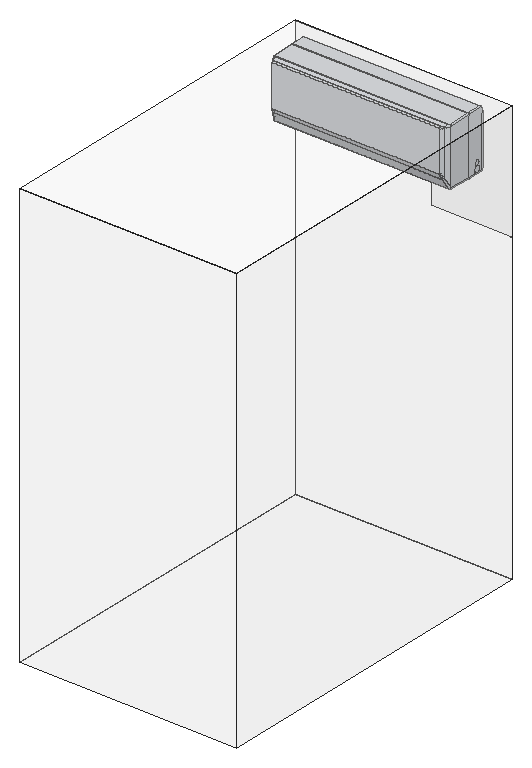
Revit family "pk-rp40_112(la)ka17_60Hz", category 機械設備, Revit 2019 (continued)
Definition of nested family "pk-rp80_112(la)ka17"
  Automatic sketch dimensions
    Extrusion 1 sketch curve to Extrusion 1 sketch curve = 0.55 mm
    Extrusion 1 sketch curve to plane 10 "Fkidasi_Z" = 2.093 mm
    Extrusion 1 sketch curve to Extrusion 1 sketch curve = 1.656 mm
    Extrusion 1 sketch curve to Extrusion 1 sketch curve = 0.34 mm
    plane 10 "Fkidasi_Z" to Extrusion 1 sketch curve = 0.97 mm
    Extrusion 1 sketch curve to Extrusion 1 sketch curve = 2.544 mm
    Extrusion 1 sketch curve to Extrusion 1 sketch curve = 4.57 mm
    Extrusion 1 sketch curve to Extrusion 1 sketch curve = 0.828 mm
    Extrusion 1 sketch curve to Extrusion 1 sketch curve = 2.282 mm
    Extrusion 1 sketch curve to Extrusion 1 sketch curve = 1.509 mm
    Extrusion 1 sketch curve to plane 10 "Fkidasi_Z" = 2.669 mm
    Extrusion 1 sketch curve to Extrusion 1 sketch curve = 3.53 mm
    Extrusion 1 sketch curve to Extrusion 1 sketch curve = 0.245 mm
    Extrusion 1 sketch curve to plane 10 "Fkidasi_Z" = 0.212 mm
    Extrusion 1 sketch curve to Extrusion 1 sketch curve = 11.126 mm
    Extrusion 1 sketch curve to Extrusion 1 sketch curve = 11.355 mm
    plane 10 "Fkidasi_Z" to Extrusion 1 sketch curve = 0.239 mm
    Extrusion 1 sketch curve to Extrusion 1 sketch curve = 0.886 mm
    Extrusion 1 sketch curve to Extrusion 1 sketch curve = 14.099 mm
    Extrusion 1 sketch curve to Extrusion 1 sketch curve = 0.981 mm  (x3)
    Extrusion 1 sketch curve to plane 2 = 91.302 mm
    plane 6 "UNDER" to Extrusion 1 sketch curve = 3.179 mm
    Extrusion 1 sketch curve to Extrusion 1 sketch curve = 2.631 mm
    Extrusion 1 sketch curve to Extrusion 1 sketch curve = 10.856 mm
    Extrusion 1 sketch curve to plane 10 "Fkidasi_Z" = 10.968 mm
    Extrusion 1 sketch curve to Extrusion 1 sketch curve = 1.969 mm
    Extrusion 1 sketch curve to plane 10 "Fkidasi_Z" = 1.653 mm
    Extrusion 1 sketch curve to plane 10 "Fkidasi_Z" = 0.674 mm
    Extrusion 1 sketch curve to Extrusion 1 sketch curve = 0.182 mm
    plane 10 "Fkidasi_Z" to Extrusion 1 sketch curve = 19.962 mm
    plane 10 "Fkidasi_Z" to Extrusion 1 sketch curve = 45.88 mm
    Extrusion 1 sketch curve to Extrusion 1 sketch curve = 9.288 mm
    Extrusion 1 sketch curve to Extrusion 1 sketch curve = 1.712 mm
    Extrusion 1 sketch curve to Extrusion 1 sketch curve = 2.453 mm
    Extrusion 1 sketch curve to Extrusion 1 sketch curve = 1.702 mm
    Extrusion 1 sketch curve to Extrusion 1 sketch curve = 0.58 mm
    Extrusion 1 sketch curve to Extrusion 1 sketch curve = 1.434 mm
    Extrusion 1 sketch curve to level = 23.558 mm
    Extrusion 1 sketch curve to Extrusion 1 sketch curve = 8.081 mm
    Extrusion 1 sketch curve to Extrusion 1 sketch curve = 4.288 mm
    Extrusion 1 sketch curve to Extrusion 1 sketch curve = 0.784 mm
    Extrusion 1 sketch curve to Extrusion 1 sketch curve = 0 mm
    Extrusion 1 sketch curve to Extrusion 1 sketch curve = 1.627 mm
    Extrusion 1 sketch curve to Extrusion 1 sketch curve = 0.002 mm
    Extrusion 1 sketch curve to level = 0 mm
    plane 19 to Extrusion 1 sketch curve = 6.097 mm
    Extrusion 1 sketch curve to Extrusion 1 sketch curve = 10.916 mm
    curve 15 to Extrusion 1 = 0 mm
    curve 17 to Extrusion 1 = 0 mm
    curve 20 to Extrusion 1 = 0 mm
    curve 13 to Extrusion 1 = 0 mm
    curve 10 to Extrusion 1 = 0 mm
    curve 8 to Extrusion 1 = 0 mm
    curve 15 to Extrusion 1 = 20 mm
    curve 15 to curve 16 = 8 mm
    curve 19 to Extrusion 1 = 1.466 mm
    curve 21 to Extrusion 1 = 3.034 mm
    curve 21 to curve 17 = 22.703 mm
    curve 14 to curve 9 = 24.618 mm
    curve 10 to curve 14 = 23.733 mm
    curve 10 to curve 12 = 34.286 mm
    curve 9 to Extrusion 1 = 28 mm
    curve 11 to curve 8 = 8 mm
    curve 19 to curve 21 = 11.583 mm
    curve 18 to curve 19 = 23.714 mm
    curve 19 to curve 16 = 19.672 mm
    curve 9 to Extrusion 1 = 35.752 mm
    curve 13 to curve 10 = 10 mm
    curve 13 to curve 11 = 79 mm
    plane 19 to Extrusion 1 sketch curve = 29.248 mm
    curve 6 to Extrusion 1 = 0 mm
    curve 2 to Extrusion 1 = 0 mm
    curve 1 to Extrusion 1 = 0 mm
    curve 2 to Extrusion 1 = 7.8 mm
    curve 1 to Extrusion 1 = 57 mm
    curve 4 to curve 7 = 0 mm
    curve 5 to curve 3 = 8 mm
    curve 3 to curve 7 = 50.624 mm
    curve 7 to curve 6 = 8.376 mm
    curve 7 to curve 3 = 7.895 mm
    curve 24 to Extrusion 1 = 1 mm
    curve 32 to Extrusion 1 = 1.705 mm
    curve 5 to curve 32 = 45 mm
    curve 4 to curve 24 = 48 mm
    curve 32 to Extrusion 1 = 1.664 mm
    curve 2 to Extrusion 1 = 57 mm
    curve 25 to Extrusion 1 = 0 mm
    curve 26 to Extrusion 1 = 0 mm
    curve 30 to Extrusion 1 = 0 mm
    Extrusion 1 to curve 25 = 57 mm
    Extrusion 1 to curve 26 = 7.8 mm
    Extrusion 1 to curve 26 = 57 mm
    curve 31 to curve 28 = 0 mm
    curve 28 to curve 27 = 8 mm
    curve 29 to curve 31 = 50.624 mm
    curve 31 to curve 30 = 8.376 mm
    curve 31 to curve 27 = 7.895 mm
    Extrusion 1 to curve 23 = 1 mm
    Extrusion 1 to curve 22 = 1.664 mm
    Extrusion 1 to curve 22 = 110 mm
    Extrusion 1 to curve 22 = 1.705 mm
    curve 28 to curve 23 = 48 mm
Definition of nested family "Space View_1"
  Parameters (values of type "Space View_1")
    Width [instance] = 1100 mm
    Top [instance] = 72 mm
    Space View 1 [instance] = yes
    Right [instance] = 27 mm
    Left [instance] = 22 mm
    Hight [instance] = 325 mm
    Bot_1 [instance] = 7 mm
  Reference planes
    plane 1 "Center (Front/Back)": y = 0
    plane 2: z = 0
    plane 3 "Center (Left/Right)": x = 0
    plane 4: x = -572
    plane 5: z = 72
    plane 6: x = 577
    plane 7: z = -332
    plane 8: x = -550
    plane 9: x = 550
    plane 10: z = -325
  Forms (mm)
    Extrusion 1, solid, visible <- "Space View 1"
      sketch origin (0, 0, -4540) x (-1, 0, 0) y (0, 0, 1)
        loop
          line (572, 4612) -> (-577, 4612) -> (-577, 4208) -> (572, 4208) -> (572, 4612)
      from 0 to -1
  Dimensions and locks
    equal spacing: plane 9, plane 3 "Center (Left/Right)", plane 8
    "Width": plane 9 to plane 8
    "Right": plane 9 to plane 6
    "Left": plane 8 to plane 4
    "Hight": level to plane 10
    "Bot_1": plane 10 to plane 7
    "Top": plane 5 to level
    aligned and locked: level to plane 2
    aligned and locked: plane 5 to Extrusion 1
    aligned and locked: Extrusion 1 to plane 4
    aligned and locked: Extrusion 1 to plane 6
    aligned and locked: Extrusion 1 to plane 7
  Automatic sketch dimensions
    plane 5 to Extrusion 1 sketch curve = 0 mm
    plane 6 to Extrusion 1 sketch curve = 0 mm
    Extrusion 1 sketch curve to plane 7 = 0 mm
    Extrusion 1 sketch curve to plane 4 = 0 mm
Types (9, lengths in mm): name | 風量_静 (m3/min) | 風量_強 (m3/min) | 風量_弱 (m3/min) | 風量_中 (m3/min) | 風量 | 音響パワーレベル（静）(dB) | 音響パワーレベル（弱）(dB) | 音響パワーレベル（中）(dB) | 音響パワーレベル(dB) | 電動機出力_送風機 | 質量 | 構成品番 | 壁掛_PK-RP80_112KA17 | 壁掛_PK-RP56_71KA17 | 壁掛_PK-RP40_50LA | 冷媒液管位置-Z | 冷媒液管位置-Y | 冷媒液管位置-X | 冷媒ガス管位置-Z | 冷媒ガス管位置-Y | 冷媒ガス管位置-X | ドレン位置-Z | ドレン位置-Y | ドレン位置-X | サービススペース PK-RP56KA～PK-RP71KA | サービススペース PK-RP40LA～PK-RP50LA / PK-RP80KA～PK-RP112KA | URL | Space Top | Space Right_1 | Space Right | Space Left | Space Bot_2 | MIN２風量 | MIN風量 | MID風量 | MAX風量 | 製品質量 | 消費電力_暖房 | 消費電力_冷房 | 消費電力 | 暖房能力 | 始動方式 | 冷房能力 | 冷媒管径符号 | 冷媒液管径 | 冷媒ガス管径 | Width | S_H | Height | Depth | 価格 | Clearance Top | Clearance Right | Clearance Left
  (no name) | 6.8 | 10.7 | 8.2 | 9.4 | 642.0 m³/h | 47 | 51 | 54 | 57 | 0.03 kW | 15.00 kg | "PK-RP40LA" | no | no | yes | 280 | 35 | 711 | 268 | 35 | 642 | 245 | 35 | 660 | no | yes | "https://www.mitsubishielectric.co.jp/ldg/wink/ssl/displayProduct.do?pid=311483" | 50 | 260 | 150 | 50 | 250 | 408.0 m³/h | 492.0 m³/h | 564.0 m³/h | 642.0 m³/h | 12.50 kg | 0.03 kW | 0.04 kW | 0.04 kW | 4.00 kW | "直入" | 3.6 kW | "Ac" | 6.35 | 12.70 | 898 | 356 | 299 | 237 | 205000 | 50 | 150 | 50
  壁掛_PK-RP45LA | 6.8 | 10.7 | 8.2 | 9.4 | 642.0 m³/h | 48 | 51 | 54 | 57 | 0.03 kW | 15.00 kg | "PK-RP45LA" | no | no | yes | 280 | 35 | 711 | 268 | 35 | 642 | 245 | 35 | 660 | no | yes | "https://www.mitsubishielectric.co.jp/ldg/wink/ssl/displayProduct.do?pid=311484" | 50 | 260 | 150 | 50 | 250 | 408.0 m³/h | 492.0 m³/h | 564.0 m³/h | 642.0 m³/h | 12.50 kg | 0.03 kW | 0.04 kW | 0.04 kW | 4.50 kW | "直⼊" | 4 kW | "Ac" | 6.35 | 12.70 | 898 | 356 | 299 | 237 | 213000 | 50 | 150 | 50
  壁掛_PK-RP50LA | 6.8 | 10.7 | 8.2 | 9.4 | 642.0 m³/h | 48 | 51 | 54 | 57 | 0.03 kW | 15.00 kg | "PK-RP50LA" | no | no | yes | 280 | 35 | 711 | 268 | 35 | 642 | 245 | 35 | 660 | no | yes | "https://www.mitsubishielectric.co.jp/ldg/wink/ssl/displayProduct.do?pid=311485" | 50 | 260 | 150 | 50 | 250 | 408.0 m³/h | 492.0 m³/h | 564.0 m³/h | 642.0 m³/h | 12.50 kg | 0.03 kW | 0.04 kW | 0.04 kW | 5.00 kW | "直⼊" | 4.5 kW | "Ac" | 6.35 | 12.70 | 898 | 356 | 299 | 237 | 251000 | 50 | 150 | 50
  壁掛_PK-RP40LA | 6.8 | 10.7 | 8.2 | 9.4 | 642.0 m³/h | 47 | 51 | 54 | 57 | 0.03 kW | 15.00 kg | "PK-RP40LA" | no | no | yes | 280 | 35 | 711 | 268 | 35 | 642 | 245 | 35 | 660 | no | yes | "https://www.mitsubishielectric.co.jp/ldg/wink/ssl/displayProduct.do?pid=311483" | 50 | 260 | 150 | 50 | 250 | 408.0 m³/h | 492.0 m³/h | 564.0 m³/h | 642.0 m³/h | 12.50 kg | 0.03 kW | 0.04 kW | 0.04 kW | 4.00 kW | "直入" | 3.6 kW | "Ac" | 6.35 | 12.70 | 898 | 356 | 299 | 237 | 205000 | 50 | 150 | 50
  壁掛_PK-RP71KA17 | 0 | 17.2 | 9.4 | 13.6 | 1032.0 m³/h | 0 | 49 | 56 | 62 | 0.057 kW | 19.20 kg | "PK-RP71KA17" | no | yes | no | 250 | 25 | 673 | 270 | 25 | 603 | 300 | 25 | 733 | yes | no | "https://www.mitsubishielectric.co.jp/ldg/wink/ssl/displayProduct.do?pid=311488" | 72 | 0 | 27 | 22 | 0 | 0.0 m³/h | 564.0 m³/h | 816.0 m³/h | 1032.0 m³/h | 16.00 kg | 0.06 kW | 0.06 kW | 0.06 kW | 7.00 kW | "直⼊" | 6.3 kW | "Bd" | 9.52 | 15.88 | 1100 | 404 | 325 | 258 | 264000 | 72 | 27 | 22
  壁掛_PK-RP80KA17 | 0 | 23 | 17 | 20 | 1380.0 m³/h | 0 | 53 | 57 | 61 | 0.057 kW | 25.20 kg | "PK-RP80KA17" | yes | no | no | 312 | 30 | 636 | 333 | 25 | 567 | 347 | 61 | 719 | no | yes | "https://www.mitsubishielectric.co.jp/ldg/wink/ssl/displayProduct.do?pid=311489" | 48 | 220 | 100.5 | 52.3 | 250 | 0.0 m³/h | 1020.0 m³/h | 1200.0 m³/h | 1380.0 m³/h | 21.00 kg | 0.07 kW | 0.07 kW | 0.07 kW | 8.00 kW | "直⼊" | 7.1 kW | "Bd" | 9.52 | 15.88 | 1170 | 420 | 365 | 295 | 272000 | 48 | 100.5 | 52.3
  壁掛_PK-RP56KA17 | 0 | 17.2 | 9.4 | 13.6 | 1032.0 m³/h | 0 | 49 | 56 | 62 | 0.057 kW | 19.20 kg | "PK-RP56KA17" | no | yes | no | 250 | 25 | 673 | 270 | 25 | 603 | 300 | 25 | 733 | yes | no | "https://www.mitsubishielectric.co.jp/ldg/wink/ssl/displayProduct.do?pid=311486" | 72 | 0 | 27 | 22 | 0 | 0.0 m³/h | 564.0 m³/h | 816.0 m³/h | 1032.0 m³/h | 16.00 kg | 0.06 kW | 0.06 kW | 0.06 kW | 5.60 kW | "直⼊" | 5 kW | "Ac" | 6.35 | 12.70 | 1100 | 404 | 325 | 258 | 262000 | 72 | 27 | 22
  壁掛_PK-RP63KA17 | 0 | 17.2 | 9.4 | 13.6 | 1032.0 m³/h | 0 | 49 | 56 | 62 | 0.057 kW | 19.20 kg | "PK-RP63KA17" | no | yes | no | 250 | 25 | 673 | 270 | 25 | 603 | 300 | 25 | 733 | yes | no | "https://www.mitsubishielectric.co.jp/ldg/wink/ssl/displayProduct.do?pid=311487" | 72 | 0 | 27 | 22 | 0 | 0.0 m³/h | 564.0 m³/h | 816.0 m³/h | 1032.0 m³/h | 16.00 kg | 0.06 kW | 0.06 kW | 0.06 kW | 6.30 kW | "直⼊" | 5.6 kW | "Ac" | 6.35 | 12.70 | 1100 | 404 | 325 | 258 | 263000 | 72 | 27 | 22
  壁掛_PK-RP112KA17 | 0 | 25 | 17 | 21 | 1500.0 m³/h | 0 | 56 | 61 | 66 | 0.057 kW | 25.20 kg | "PK-RP112KA17" | yes | no | no | 312 | 30 | 636 | 333 | 25 | 567 | 347 | 61 | 719 | no | yes | "https://www.mitsubishielectric.co.jp/ldg/wink/ssl/displayProduct.do?pid=311490" | 48 | 220 | 100.5 | 52.3 | 250 | 0.0 m³/h | 1020.0 m³/h | 1260.0 m³/h | 1500.0 m³/h | 21.00 kg | 0.07 kW | 0.07 kW | 0.07 kW | 11.20 kW | "直⼊" | 10 kW | "Bd" | 9.52 | 15.88 | 1170 | 420 | 365 | 295 | 280000 | 48 | 100.5 | 52.3
